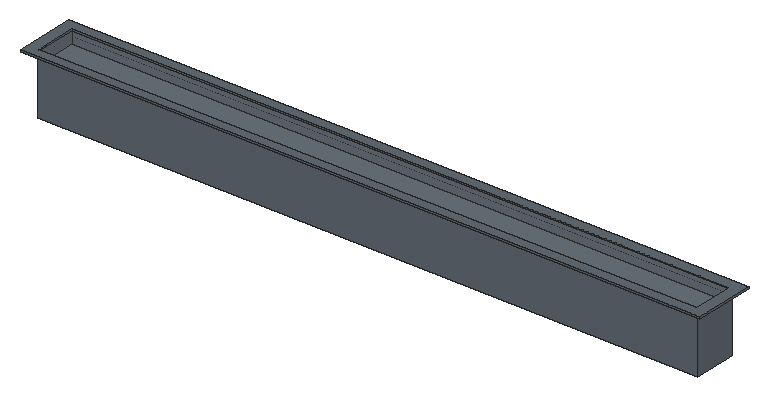
Revit family "3L-R-D", category Lighting Fixtures, host Face, Revit 2013
Parameters (values of type "3L-R-D-4-SOF-X-CX-35K-D100")
  Watts = 10.3 W
  Wattage = 10.3 W
  built-in parameter 1150110 = 1 (stored number, unit not read)
  Voltage = 277 V
  built-in parameter 1114217 = 1 (stored number, unit not read)
  Tilt Angle = -90.00°  # constant formula
  built-in parameter 1150109 = 1 (stored number, unit not read)
  built-in parameter 1150134 = (empty or 0)
  built-in parameter 1150113 = 1 (stored number, unit not read)
  Power Factor = 1
  Photometric Web File = "3L-R-D-4-SOF-X-CX-35K-D100.IES"
  Fixture Option = 3L-R : Carbon Black
  Emit from Rectangle Width = 0' - 2 3/4"  # constant formula
  Emit from Rectangle Length = Length - 0' 1"  # 3' - 11"
  Emit Shape Visible in Rendering = no
  Downlight diffuse = "Soft Diffuse Lens "  # constant formula
  zzLength1 = 0' - 5 5/8"
  built-in parameter 1150105 = 79.506 (stored number, unit not read)
  Lumens = 999.1 lm
  built-in parameter 1150115 = 1 (stored number, unit not read)
  Load Classification = Lighting
  built-in parameter 1150137 = (empty or 0)
  built-in parameter 1150139 = (empty or 0)
  Length = 4' - 0"
  Wattage Comments = "Variable Intensity technology provides specifiable lumen output/wattage"  # constant formula
  URL = "http://www.litecontrol.com/"
  Product Page URL = "http://www.litecontrol.com/products/mod_3_led_recessed_slot"
  Product Documentation Link = "http://www.litecontrol.com/stufhttp://cdn.litecontrol.com/content/products/specs/specs_files/3L-R-D.pdff/contentmgr/files/2/05866edf5fe461d0eeeb81973e889689/file/44_r.pdf"
  Model = "3L-R-D"  # constant formula
  Manufacturer Phone = "781-294-0100"  # constant formula
  Manufacturer Fax = "781-293-2849"  # constant formula
  Manufacturer = "Litecontrol Lighting"  # constant formula
  built-in parameter 1150112 = 1 (stored number, unit not read)
  built-in parameter 1150114 = 1 (stored number, unit not read)
  Lamp = "LED Lamp"  # constant formula
  built-in parameter 1150132 = (empty or 0)
  built-in parameter 1150102 = (empty or 0)
  built-in parameter 1150107 = 3500 (stored number, unit not read)
  built-in parameter 1150138 = (empty or 0)
  built-in parameter 1150106 = 0.79506 (stored number, unit not read)
  built-in parameter 1150104 = 9.0116 (stored number, unit not read)
  Dimming Lamp Color Temperature Shift = <None>
  Description = "Mod™ 3 LED Recessed Slot"  # constant formula
  Default Elevation = 4' - 0"
  Color Filter = 16777215
  built-in parameter 1114218 = 1 (stored number, unit not read)
  built-in parameter 1150133 = 10 (stored number, unit not read)
  Apparent Load = Watts / Power Factor  # 10.3 VA
Reference planes (in)
  plane 1 "Center (Front/Back)": y = 13.01342
  plane 2: z = 0
  plane 3 "Center (Left/Right)": x = 0
  plane 4: x = -24
  plane 5: x = 24
  plane 6: z = -4.3145
Forms (in)
  Extrusion 1, void
    sketch origin (0, 0, 0) x (1, 0, 0) y (0, 1, 0)
      loop
        line (-23.99785, 14.54462) -> (-23.99785, 11.48222) -> (24.00215, 11.48222) -> (24.00215, 14.54462) -> (-23.99785, 14.54462)
    from 0 to -4.3145
Dimensions and locks (in)
  equal spacing: plane 5, plane 3 "Center (Left/Right)", plane 4
  "Length": plane 5 to plane 4
  locked: plane 2 to plane 6 at 4.3145
  aligned and locked: plane 2 to host face
  aligned and locked: level to host face
  aligned and locked: plane 3 "Center (Left/Right)" to imposter light
  aligned and locked: plane 2 to imposter light
  aligned and locked: plane 3 "Center (Left/Right)" to nested 1
  aligned and locked: plane 1 "Center (Front/Back)" to nested 1
  aligned and locked: Extrusion 1 sketch curve to nested 1  (x4)
Automatic sketch dimensions
  host sketch curve to host sketch curve = 8' - 0"
  host sketch curve to host sketch curve = 7' - 11.25872"
Nested families (in)
  nested 1: "3L-R" at (0, -1.0625, -4.3145), type <- "Fixture Option", Length <- "Length", type "Carbon Black"
    with Length 4' - 0"
Connectors (in)
  electrical at (0.00215, 13.01342, -4.3145), driven by "Load Classification", driven by "Voltage", driven by "Apparent Load", driven by "Power Factor"
    settings: on nested 1, index 1, voltage 277 V, apparent load 10.3 VA, apparent load phase1 0 VA, apparent load phase2 0 VA, apparent load phase3 0 VA, power factor 1, load classification "Lighting", number of poles 1, system type 30, power factor state 1, is connector primary yes, connector utility no, sub classification motor no, connector description "Lighting Connector"
Definition of nested family "3L-R"
  Parameters (values of type "Machined Aluminum")
    Wattage Comments = ""
    Length [instance] = 4' - 0"
    URL = ""
    Product Page URL = ""
    Product Documentation Link = ""
    Model = ""
    Manufacturer Phone = ""
    Manufacturer Fax = ""
    Manufacturer = ""
    Opal lens = Hubbell-White Glass
    Lamp = ""
    Description = ""  # constant formula
    Default Elevation = 4' - 0"
    Ballast = Hubbell-Machined Aluminum
  Types (6): name | Ballast
    Matte White | Hubbell-Matte White
    Textured Matte White | Hubbell-Textured Matte White
    Light Silver | Hubbell-Light Silver
    Machined Aluminum | Hubbell-Machined Aluminum
    Carbon Black | Hubbell-Carbon Black
    Textured Camera Black | Hubbell-Textured Camera Black
  Reference planes (in)
    plane 1 "Center (Front/Back)": y = 14.07592
    plane 2: z = 0
    plane 3 "Center (Left/Right)": x = 0
    plane 4: x = 24.68485
    plane 5: x = -24.68485
    plane 6: x = -23.99785
    plane 7: x = 24.00215
    plane 8: y = 16.29492
    plane 9: y = 11.85692
    plane 10: y = 15.60712
    plane 11: y = 12.54472
    plane 12: z = 4.4375
    plane 13: x = -23.93785
    plane 14: x = 23.94215
    plane 15: y = 15.57592
    plane 16: y = 12.57592
  Forms (in)
    Extrusion 1, solid
      sketch origin (0, 12.79105, 0) x (1, 0, 0) y (0, 1, 0)
        loop
          line (-48, 48) -> (-48, -48) -> (48, -48) -> (48, 48) -> (-48, 48)
      from 0 to -6
    Extrusion 2, solid, material "Hubbell-White Glass" <- "Opal lens"
      sketch origin (0, 0, 0) x (1, 0, 0) y (0, 1, 0)
        loop
          line (-23.93785, 15.57592) -> (-23.93785, 12.57592) -> (23.94215, 12.57592) -> (23.94215, 15.57592) -> (-23.93785, 15.57592)
      from 4.0099 to 4.31462
    Extrusion 3, solid, material "Hubbell-Machined Aluminum" <- "Ballast"
      sketch origin (0, 0, 0) x (1, 0, 0) y (0, 1, 0)
        loop
          line (-24.68485, 16.29492) -> (-24.68485, 11.85692) -> (24.68485, 11.85692) -> (24.68485, 16.29492) -> (-24.68485, 16.29492)
        loop
          line (-23.93785, 15.57592) -> (-23.93785, 12.57592) -> (23.94215, 12.57592) -> (23.94215, 15.57592) -> (-23.93785, 15.57592)
      from 4.31462 to 4.4375
    Extrusion 4, solid, material "Hubbell-Machined Aluminum" <- "Ballast"
      sketch origin (0, 0, 0) x (1, 0, 0) y (0, 1, 0)
        loop
          line (-23.99785, 15.60712) -> (-23.99785, 12.54472) -> (24.00215, 12.54472) -> (24.00215, 15.60712) -> (-23.99785, 15.60712)
      from 0 to 4.31462
    Extrusion 5, void
      sketch origin (0, 0, 0) x (1, 0, 0) y (0, 1, 0)
        loop
          line (-23.93785, 15.57592) -> (-23.93785, 12.57592) -> (23.94215, 12.57592) -> (23.94215, 15.57592) -> (-23.93785, 15.57592)
      from 3.45462 to 4.4375
  Cuts and joins
    Extrusion 5 cuts Extrusion 3
    Extrusion 5 cuts Extrusion 4
  Dimensions and locks (in)
    equal spacing: plane 5, plane 3 "Center (Left/Right)", plane 4
    locked: plane 5 to plane 6 at 0.687
    locked: plane 7 to plane 4 at 0.6827
    plane 12 to plane 2 = 0' - 4 7/16"
    locked: plane 6 to plane 13 at 0.06
    locked: plane 14 to plane 7 at 0.06
    locked: plane 8 to plane 9 at 4.438
    equal spacing: plane 8, plane 1 "Center (Front/Back)", plane 9
    equal spacing: plane 10, plane 1 "Center (Front/Back)", plane 11, locked at 1.5312 each
    equal spacing: plane 16, plane 1 "Center (Front/Back)", plane 15, locked at 1.5 each
    "Length": plane 6 to plane 7
    aligned and locked: plane 2 to Extrusion 1
    aligned and locked: level to Extrusion 1
    aligned and locked: plane 4 to Extrusion 3
    aligned and locked: plane 12 to Extrusion 3
    aligned and locked: Extrusion 5 sketch curve to Extrusion 2  (x4)
  Automatic sketch dimensions
    Extrusion 1 sketch curve to Extrusion 1 sketch curve = 8' - 0"  (x2)
    Extrusion 3 sketch curve to plane 5 = 0' - 0"
    Extrusion 3 sketch curve to plane 4 = 0' - 0"
    Extrusion 3 sketch curve to plane 9 = 0' - 0"
    Extrusion 3 sketch curve to plane 8 = 0' - 0"
    Extrusion 2 sketch curve to plane 13 = 0' - 0"
    Extrusion 2 sketch curve to plane 14 = 0' - 0"
    plane 16 to Extrusion 2 sketch curve = 0' - 0"
    Extrusion 2 sketch curve to plane 15 = 0' - 0"
    Extrusion 4 sketch curve to plane 6 = 0' - 0"
    Extrusion 4 sketch curve to plane 7 = 0' - 0"
    Extrusion 4 sketch curve to plane 11 = 0' - 0"
    Extrusion 4 sketch curve to plane 10 = 0' - 0"
    Extrusion 3 sketch curve to plane 13 = 0' - 0"
    Extrusion 3 sketch curve to plane 14 = 0' - 0"
    plane 16 to Extrusion 3 sketch curve = 0' - 0"
    Extrusion 3 sketch curve to plane 15 = 0' - 0"
